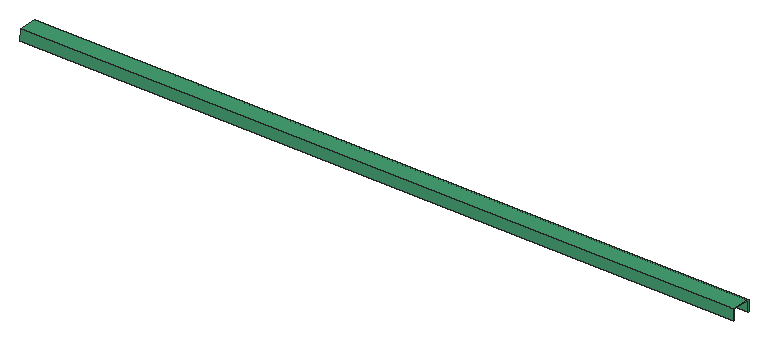
Revit family "GW_上部ガリッドランナー t=1.6", category 一般モデル, Revit 2021
Family settings
  鉄筋をホスト可能 = いいえ
  丸型コネクタ寸法 = 直径を使用
  パーツ タイプ = 標準
  作業面ベース = いいえ
  常に垂直 = はい
  ロード時にボイドで切り取り = いいえ
  共有 = いいえ
  部屋計算ポイント = いいえ
Parameters
  長さ [instance] = 4000.0 mm
  製造元 = "双日建材株式会社"
  既定の高さ = 0.0 mm
  マテリアル = ランナーt=1.6
  t = 1.6 mm
  H = 102.0 mm
  A = 60.0 mm
Reference planes
  plane 1 "中心(正面/背面)": y = 0
  plane 2: z = 0
  plane 3 "中心(左/右)": x = 0
  plane 4: y = 51
  plane 5: y = -51
  plane 6: y = -49.4
  plane 7: y = 49.4
  plane 8: z = -60
  plane 9: x = 4000
  plane 10: z = -1.6
Forms (mm)
  Extrusion 1, solid, material "ランナーt=1.6" <- "マテリアル"
    sketch origin (0, 0, 0) x (0, 1, 0) y (0, 0, 1)
      loop
        line (-51, -60) -> (-49.4, -60) -> (-49.4, -1.6) -> (49.4, -1.6) -> (49.4, -60) -> (51, -60) -> (51, 0) -> (-51, 0) -> (-51, -60)
    from 0 to 4000
Dimensions and locks
  "H": plane 5 to plane 4
  equal spacing: plane 5, plane 1 "中心(正面/背面)", plane 4
  "t": plane 7 to plane 4
  "t": plane 5 to plane 6
  "長さ": plane 3 "中心(左/右)" to plane 9
  "A": level to plane 8
  "t": level to plane 10
  aligned and locked: level to plane 2
  aligned and locked: plane 8 to Extrusion 1 sketch curve  (x2)
  aligned and locked: plane 6 to Extrusion 1 sketch curve
  aligned and locked: Extrusion 1 sketch curve to plane 5
  aligned and locked: plane 10 to Extrusion 1 sketch curve
  aligned and locked: Extrusion 1 sketch curve to level
  aligned and locked: plane 4 to Extrusion 1 sketch curve
  aligned and locked: Extrusion 1 sketch curve to plane 7
  aligned and locked: plane 9 to Extrusion 1
  aligned and locked: Extrusion 1 to plane 3 "中心(左/右)"
